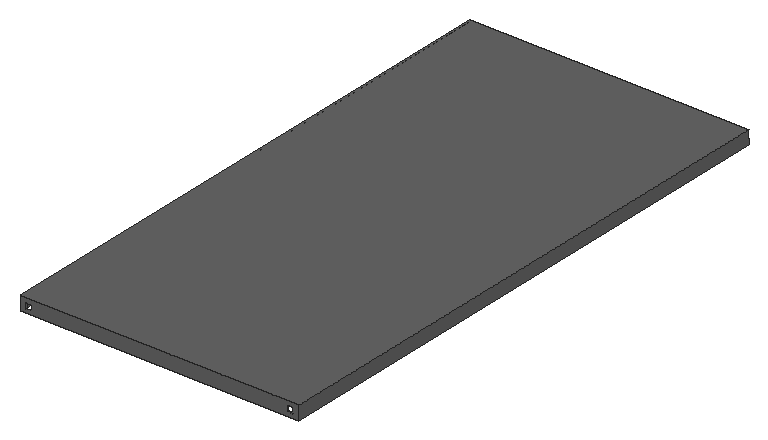
Revit family "Eurolan_Полка стационарная", category Устройства связи, Revit 2019
Family settings
  Сохранять ориентацию аннотаций = Нет
  Размер круглого соединителя = Использовать диаметр
  Тип детали = Нормальный
  На основе рабочей плоскости = Нет
  Всегда вертикально = Да
  При загрузке вырезать с полостями = Нет
  Общий = Нет
  Точка расчета площади = Нет
Parameters (values of type "Полка стационарная до 100 кг_глубина 1000 мм")
  Выбор_геометрии = Полка стационарная 1U _без_регул.кронштейна : 1000
  ADSK_Примечание = ""
  ADSK_Позиция = ""
  ADSK_Наименование краткое = "Полка стационарная до 100 кг"
  ADSK_Наименование = "Полка стационарная до 100 кг, глубина 1000 мм"
  ADSK_Материал = Черный антрацит
  ADSK_Масса = 7.9
  ADSK_Марка = "100"
  ADSK_Количество = 1  # constant formula
  ADSK_Код изделия = "60A-01-1А-12BL"
  ADSK_Завод-изготовитель = "Eurolan"  # constant formula
  ADSK_Единица измерения = "шт"  # constant formula
Types (12, lengths in mm): name | Выбор_геометрии | ADSK_Наименование краткое | ADSK_Наименование | ADSK_Масса | ADSK_Марка | ADSK_Код изделия
  (no name) | Полка стационарная 1U _без_регул.кронштейна : 1000 | "Полка стационарная до 100 кг" | "Полка стационарная до 100 кг, глубина 1000 мм" | 7.9 | "100" | "60A-01-1А-12BL"
  Полка стационарная до 50 кг_глубина 390 мм | Полка стационарная 1U _без_регул.кронштейна : 390 | "Полка стационарная до 50 кг," | "Полка стационарная до 50 кг, глубина 390 мм" | 2.1 | "50" | "60A-01-39-11BL"
  Полка стационарная до 50 кг_глубина 450 мм | Полка стационарная 1U _без_регул.кронштейна : 450 | "Полка стационарная до 50 кг" | "Полка стационарная до 50 кг, глубина 450 мм" | 2.4 | "50" | "60A-01-45-11BL"
  Полка стационарная до 50 кг_глубина 580 мм | Полка стационарная 1U _без_регул.кронштейна : 580 | "Полка стационарная до 50 кг" | "Полка стационарная до 50 кг, глубина 580 мм" | 2.95 | "50" | "60A-01-58-11BL"
  Полка стационарная до 50 кг_глубина 620 мм | Полка стационарная 1U _без_регул.кронштейна : 620 | "Полка стационарная до 50 кг" | "Полка стационарная до 50 кг, глубина 620 мм" | 3.15 | "50" | "60A-01-62-11BL"
  Полка стационарная до 50 кг_глубина 750 мм | Полка стационарная 1U _без_регул.кронштейна : 750 | "Полка стационарная до 50 кг" | "Полка стационарная до 50 кг, глубина 750 мм" | 3.73 | "50" | "60A-01-75-11BL"
  Полка стационарная до 50 кг_глубина 1000 мм | Полка стационарная 1U _без_регул.кронштейна : 1000 | "Полка стационарная до 50 кг" | "Полка стационарная до 50 кг, глубина 1000 мм" | 4.86 | "50" | "60A-01-1A-11BL"
  Полка стационарная до 100 кг_глубина 450 мм | Полка стационарная 1U _без_регул.кронштейна : 450 | "Полка стационарная до 100 кг" | "Полка стационарная до 100 кг, глубина 450 мм" | 3.2 | "100" | "60A-01-45-12BL"
  Полка стационарная до 100 кг_глубина 580 мм | Полка стационарная 1U _без_регул.кронштейна : 580 | "Полка стационарная до 100 кг" | "Полка стационарная до 100 кг, глубина 580 мм" | 3.9 | "100" | "60A-01-58-12BL"
  Полка стационарная до 100 кг_глубина 620 мм | Полка стационарная 1U _без_регул.кронштейна : 620 | "Полка стационарная до 100 кг" | "Полка стационарная до 100 кг, глубина 620 мм" | 4.1 | "100" | "60A-01-62-12BL"
  Полка стационарная до 100 кг_глубина 750 мм | Полка стационарная 1U _без_регул.кронштейна : 750 | "Полка стационарная до 100 кг" | "Полка стационарная до 100 кг, глубина 750 мм" | 5.5 | "100" | "60A-01-75-12BL"
  Полка стационарная до 100 кг_глубина 1000 мм | Полка стационарная 1U _без_регул.кронштейна : 1000 | "Полка стационарная до 100 кг" | "Полка стационарная до 100 кг, глубина 1000 мм" | 7.9 | "100" | "60A-01-1А-12BL"
Reference planes
  plane 1 "По центру (Вперед/Назад)": y = 0
  plane 2: z = 0
  plane 3 "По центру (Влево/Вправо)": x = 0
Dimensions and locks
  aligned and locked: level to plane 2
Nested families
  nested 1: "Полка стационарная 1U _без_регул.кронштейна" at (0, 0, 0), type <- "Выбор_геометрии", type "1000"
Definition of nested family "Полка стационарная 1U _без_регул.кронштейна"
  Parameters (values of type "750")
    Ширина = 496 mm  # constant formula
    Центровка_отверстие = 465 mm  # constant formula
    Глубина = 750 mm
    Высота_1 = 25 mm  # constant formula
    ADSK_Материал = none
  Types (7, lengths in mm): name | Глубина
    (no name) | 750
    390 | 390
    450 | 450
    620 | 620
    580 | 580
    750 | 750
    1000 | 1000
  Reference planes
    plane 1 "По центру (Вперед/Назад)": y = 0
    plane 2: z = -0.058
    plane 3 "По центру (Влево/Вправо)": x = 0
    plane 4: x = -248
    plane 5: x = 248
    plane 6: z = 12.442
    plane 7: z = -12.558
    plane 8: y = 750
  Forms (mm)
    Extrusion 1, solid, material <- "ADSK_Материал", detail levels fine
      sketch origin (0, 0, 0) x (1, 0, 0) y (0, 0, 1)
        loop
          line (-248, 12.442) -> (-248, -12.558) -> (248, -12.558) -> (248, 12.442) -> (-248, 12.442)
        loop
          line (-237.5, 5) -> (-237.5, -5) -> (-227.5, -5) -> (-227.5, 5) -> (-237.5, 5)
        loop
          line (237.5, 5) -> (227.5, 5) -> (227.5, -5) -> (237.5, -5) -> (237.5, 5)
      from -750 to 0
    Extrusion 2, void
      sketch origin (0, 0, 0) x (1, 0, 0) y (0, 1, 0)
        loop
          line (-246.5, 748.5) -> (-246.5, 1.5) -> (246.5, 1.5) -> (246.5, 748.5) -> (-246.5, 748.5)
      from -12.558 to 12.442
    Extrusion 3, solid, material <- "ADSK_Материал", detail levels fine
      sketch origin (0, 0, 0) x (1, 0, 0) y (0, 1, 0)
        loop
          line (-248, 750) -> (-248, 0) -> (248, 0) -> (248, 750) -> (-248, 750)
      from 10.899 to 12.442
    Extrusion 4, solid, material <- "ADSK_Материал", detail levels fine
      sketch origin (0, 0, 0) x (1, 0, 0) y (0, 1, 0)
        loop
          line (-248, 750) -> (-248, 1.5) -> (248, 1.5) -> (248, 750) -> (-248, 750)
      from 10.899 to 12.442
    Extrusion 5, solid, material <- "ADSK_Материал", detail levels coarse+medium
      sketch origin (0, 0, 0) x (1, 0, 0) y (0, 1, 0)
        loop
          line (-248, 750) -> (-248, 0) -> (248, 0) -> (248, 750) -> (-248, 750)
      from -12.558 to 12.442
  Cuts and joins
    Extrusion 2 cuts Extrusion 1
    joined: Extrusion 1, Extrusion 3, Extrusion 4
  Lines and regions (mm)
    model lines
      curve 1: line (-232.5, 0, 1.92) -> (-232.5, 0, -2.08)
      curve 2: line (232.5, 0, 1.92) -> (232.5, 0, -2.08)
      curve 3: line (232.5, 0, 1.92) -> (232.5, 0, -2.08)
      curve 4: line (-234.5, 0, 0) -> (-230.5, 0, 0)
      curve 5: line (230.5, 0, -0.058) -> (234.5, 0, -0.058)
  Dimensions and locks
    equal spacing: plane 4, plane 3 "По центру (Влево/Вправо)", plane 5
    "Ширина": plane 4 to plane 5
    equal spacing: plane 6, plane 2, plane 7
    "Высота_1": plane 6 to plane 7
    "Глубина": plane 8 to plane 1 "По центру (Вперед/Назад)"
    "Центровка_отверстие": curve 1 to curve 2
    equal spacing: curve 1, plane 3 "По центру (Влево/Вправо)", curve 2
    cut or joined group of Extrusion 1, Extrusion 2, Extrusion 3, Extrusion 4 to cut or joined group of Extrusion 1, Extrusion 2, Extrusion 3, Extrusion 4 = 0 mm
    locked: cut or joined group of Extrusion 1, Extrusion 2, Extrusion 3, Extrusion 4 to cut or joined group of Extrusion 1, Extrusion 2, Extrusion 3, Extrusion 4 at 1.5  (x4)
    plane 5 to plane 4 = 496 mm
    aligned and locked: level to plane 2
    aligned and locked: plane 8 to Extrusion 1
    aligned and locked: plane 1 "По центру (Вперед/Назад)" to Extrusion 1
    aligned and locked: Extrusion 1 to plane 7
    aligned and locked: plane 6 to cut or joined group of Extrusion 1, Extrusion 2, Extrusion 3, Extrusion 4
    aligned and locked: plane 5 to Extrusion 1
    aligned and locked: Extrusion 1 to plane 4
    aligned and locked: plane 8 to Extrusion 4
  Automatic sketch dimensions
    Extrusion 1 sketch curve to plane 4 = 0 mm
    Extrusion 1 sketch curve to plane 5 = 0 mm
    Extrusion 1 sketch curve to plane 7 = 0 mm
    Extrusion 1 sketch curve to plane 6 = 0 mm
    level to Extrusion 1 sketch curve = 5 mm  (x2)
    plane 4 to Extrusion 1 sketch curve = 10.5 mm
    Extrusion 1 sketch curve to Extrusion 1 sketch curve = 10 mm  (x2)
    Extrusion 1 sketch curve to plane 5 = 20.5 mm
    Extrusion 1 sketch curve to plane 2 = 4.942 mm  (x2)
    plane 4 to Extrusion 2 sketch curve = 1.5 mm
    Extrusion 2 sketch curve to plane 5 = 1.5 mm
    Extrusion 2 sketch curve to plane 1 "По центру (Вперед/Назад)" = 1.5 mm
    Extrusion 2 sketch curve to plane 8 = 1.5 mm
    plane 1 "По центру (Вперед/Назад)" to Extrusion 3 sketch curve = 0 mm
    Extrusion 3 sketch curve to plane 4 = 0 mm
    Extrusion 3 sketch curve to plane 5 = 0 mm
    Extrusion 3 sketch curve to plane 8 = 0 mm
    Extrusion 4 sketch curve to plane 1 "По центру (Вперед/Назад)" = 1.5 mm
    Extrusion 4 sketch curve to plane 4 = 0 mm
    Extrusion 4 sketch curve to plane 5 = 0 mm
    plane 1 "По центру (Вперед/Назад)" to Extrusion 5 sketch curve = 0 mm
    Extrusion 5 sketch curve to plane 4 = 0 mm
    Extrusion 5 sketch curve to plane 5 = 0 mm
    Extrusion 5 sketch curve to plane 8 = 0 mm
    Extrusion 4 sketch curve to plane 8 = 0 mm
    curve 4 to level = 0 mm
    curve 5 to plane 2 = 0 mm
    curve 4 to curve 1 = 2 mm
    curve 1 to curve 4 = 2 mm
    curve 5 to curve 2 = 2 mm
    curve 3 to curve 2 = 0 mm  (x2)
    curve 2 to curve 5 = 2 mm
    curve 3 to plane 2 = 2.022 mm
    curve 2 to curve 3 = 0 mm
    curve 1 to plane 2 = 2.022 mm
    level to curve 2 = 1.92 mm
    level to curve 1 = 1.92 mm
